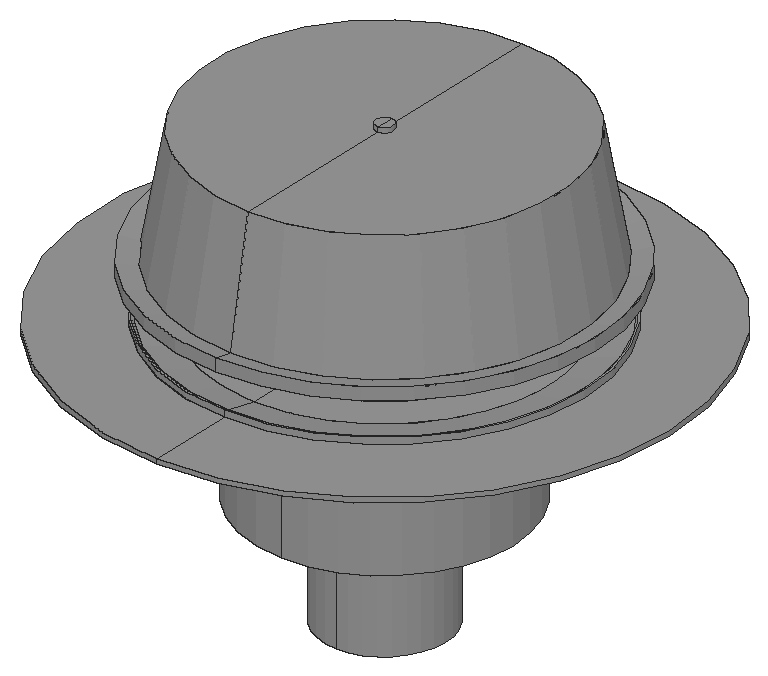
Revit family "HL_RU_Roof drain_HL62Safe-B-221103", category Sanitärinstallationen, Revit 2020
Family settings
  Bemaßung runder Anschluss = Durchmesser verwenden
  Teiletyp = Normal
  OmniClass-Nummer = 23.70.50.21.24.14
  OmniClass-Titel = Deck Waste Water Drains
  Arbeitsebenenbasiert = Nein
  Immer vertikal = Ja
  Beim Laden mit Abzugskörper schneiden = Nein
  Gemeinsam genutzt = Nein
  Raumberechnungspunkt = Ja
Parameters (values of type "HL_Кровельная воронка_HL62Safe_7")
  РЕШЁТКА = "Laubfangkorb d 262 mm"
  РАЗМЕР = "DN75"
  ПРОПУСКНАЯ СПОСОБНОСТЬ [instance] = 0.0 L/s
  ПРОИЗВОДИТЕЛЬНОСТЬ = "see Download"
  ПРАВОВАЯ ИНФОРМАЦИЯ = "Авторские права(©), права на дизайн или какие либо другие права интелектуальной собственности являются исключительной собственностью компании HL Hutterer & Lechner. Изменению не подлежит. Файл семейства с данными о прозводителе изделия защищен паролем с водяным знаком."
  НОМИНАЛЬНЫЙ ДИАМЕТР = 75 mm
  МАТЕРИАЛ = "PP"
  ВЫСОТА МОНТАЖА = "100mm"
  ВЕС = "3,014 [kg]"
  Vorgabe-Ansicht = 0 mm
  Hersteller = "HL Hutterer & Lechner GmbH"  # constant formula
  URL = "http://www.hutterer-lechner.com/ru/products/catalog/roof-drains/HL62Safe/7.aspx"
  Материал плитка [instance] = none
  Lüftungsverbindung = no
  Abwasserrohrverbindung = yes
  HW-Verbindung = no
  KW-Verbindung = no
  Beschreibung = "Кровельные воронки"
  Model = "HL62Safe_7"
  Assembly Code = " "
  Typenkommentare = "HL62Safe/7, Воронка для аварийного водостока DN75 с возможностью регулировки толщины слоя воды"
  Keynote = "HL62Safe_7"
  Bысота монтажа [instance] = 28 mm  # constant formula
  G [instance] = 180.00°  # constant formula
  EAN = "9003076040278"
  D [instance] = if(НОМИНАЛЬНЫЙ ДИАМЕТР = 160 mm, 60 mm, 67 mm) + Bысота монтажа  # 95 mm
  C [instance] = if(Bысота монтажа - 68 mm < 0 mm, 0 mm, Bысота монтажа - 68 mm)  # 0 mm
  B [instance] = 100 mm  # constant formula
  A [instance] = if(B - 100 mm > 15 mm, B - 100 mm, 15 mm)  # 15 mm
Types (5, lengths in mm): name | РАЗМЕР | НОМИНАЛЬНЫЙ ДИАМЕТР | ВЕС | URL | Model | Typenkommentare | Keynote | EAN | D
  (no name) | "DN75" | 75 | "3,014 [kg]" | "http://www.hutterer-lechner.com/ru/products/catalog/roof-drains/HL62Safe/7.aspx" | "HL62Safe_7" | "HL62Safe/7, Воронка для аварийного водостока DN75 с возможностью регулировки толщины слоя воды" | "HL62Safe_7" | "9003076040278" | 95
  HL_Кровельная воронка_HL62Safe_1 | "DN110" | 110 | "3,034 [kg]" | "http://www.hutterer-lechner.com/ru/products/catalog/roof-drains/HL62Safe/1.aspx" | "HL62Safe_1" | "HL62Safe/1, Воронка для аварийного водостока DN110 с возможностью регулировки толщины слоя воды" | "HL62Safe_1" | "9003076040247" | 95
  HL_Кровельная воронка_HL62Safe_2 | "DN125" | 125 | "3,074 [kg]" | "http://www.hutterer-lechner.com/ru/products/catalog/roof-drains/HL62Safe/2.aspx" | "HL62Safe_2" | "HL62Safe/2, Воронка для аварийного водостока DN125 с возможностью регулировки толщины слоя воды" | "HL62Safe_2" | "9003076040254" | 95
  HL_Кровельная воронка_HL62Safe_5 | "DN160" | 160 | "3,094 [kg]" | "http://www.hutterer-lechner.com/ru/products/catalog/roof-drains/HL62Safe/5.aspx" | "HL62Safe_5" | "HL62Safe/5, Воронка для аварийного водостока DN160 с возможностью регулировки толщины слоя воды" | "HL62Safe_5" | "9003076040261" | 88
  HL_Кровельная воронка_HL62Safe_7 | "DN75" | 75 | "3,014 [kg]" | "http://www.hutterer-lechner.com/ru/products/catalog/roof-drains/HL62Safe/7.aspx" | "HL62Safe_7" | "HL62Safe/7, Воронка для аварийного водостока DN75 с возможностью регулировки толщины слоя воды" | "HL62Safe_7" | "9003076040278" | 95
Reference planes
  plane 1 "Center (Front/Back)": y = 0
  plane 2: z = 0
  plane 3 "Center (Left/Right)": x = 0
  plane 4: z = -100
  plane 5: z = -28
Lines and regions (mm)
  model lines, style "InvisibleLines"
    curve 1: line (0, 0, 0) -> (0, 0, 20)
  model lines, style "PlumbingFixtures", detail levels coarse+medium
    curve 2: line (0, 0, -100) -> (0, 0, -85)
    curve 3: line (0, 0, -85) -> (-85, 0, 0)
    curve 4: line (0, 0, -85) -> (85, 0, 0)
    curve 6: line (0, 0, -100) -> (0, 0, -195)
  reference lines, not visible
    curve 5: line (0, 0, -100) -> (0, 0, -195)
  symbolic lines, style "PlumbingFixtures", detail levels coarse+medium
    curve 7: line (-75, 75, 0) -> (75, 75, 0)
    curve 8: line (-75, -75, 0) -> (-75, 75, 0)
    curve 9: line (75, -75, 0) -> (-75, -75, 0)
    curve 10: line (75, 75, 0) -> (75, -75, 0)
    curve 11: line (-75, 75, 0) -> (-145.711, 145.711, 0)
    curve 12: line (75, 75, 0) -> (145.711, 145.711, 0)
    curve 13: line (-75, -75, 0) -> (-145.711, -145.711, 0)
    curve 14: line (75, -75, 0) -> (145.711, -145.711, 0)
  symbolic lines, style "PlumbingFixtures", not visible, detail levels coarse+medium
    curve 15: line (-75, 75, 0) -> (75, 75, 0)
    curve 16: line (-75, -75, 0) -> (-75, 75, 0)
    curve 17: line (75, -75, 0) -> (-75, -75, 0)
    curve 18: line (75, 75, 0) -> (75, -75, 0)
    curve 19: line (-75, 75, 0) -> (-145.711, 145.711, 0)
    curve 20: line (75, 75, 0) -> (145.711, 145.711, 0)
    curve 21: line (-75, -75, 0) -> (-145.711, -145.711, 0)
    curve 22: line (75, -75, 0) -> (145.711, -145.711, 0)
Text (mm)
  text "FLOOR" at (-162.344, 0, -10.979), in view "Drain Construction View"
Dimensions and locks
  "B": plane 2 to plane 4
  "Bысота монтажа": plane 2 to plane 5
  "A": curve 4 to plane 4
  "D": curve 5 to curve 5
  "D": curve 6 to curve 6
  locked: curve 4 to plane 3 "Center (Left/Right)" (angle 45.00°)
  locked: plane 3 "Center (Left/Right)" to curve 3 (angle 45.00°)
  "G": angle curve 5 to plane 3 "Center (Left/Right)"
  aligned and locked: level to plane 2
  aligned and locked: plane 2 to curve 4
  aligned and locked: plane 2 to curve 3
  aligned and locked: plane 4 to curve 5
  aligned and locked: plane 3 "Center (Left/Right)" to curve 5
  aligned and locked: plane 4 to curve 2
  aligned and locked: curve 6 to plane 3 "Center (Left/Right)"
  aligned and locked: curve 6 to plane 4
  aligned and locked: plane 5 to nested 1
  aligned and locked: plane 3 "Center (Left/Right)" to nested 1
  aligned and locked: nested 2 to plane 2
  aligned and locked: plane 3 "Center (Left/Right)" to nested 2
Automatic sketch dimensions
  curve 2 to plane 3 "Center (Left/Right)" = 0 mm
  curve 1 to plane 3 "Center (Left/Right)" = 0 mm
  curve 1 to level = 0 mm
  level to curve 1 = 20 mm
Nested families
  nested 1: "HL_кровельные воронки - корпус_HL62" at (0, 0, -28), НОМИНАЛЬНЫЙ ДИАМЕТР <- "НОМИНАЛЬНЫЙ ДИАМЕТР", type "HL_кровельные воронки - корпус_HL62"
    with НОМИНАЛЬНЫЙ ДИАМЕТР 75 mm, L 69 mm
  nested 2: "HL_Вспомогательные материалы-Противопожарная защита_HL062.1Safe" at (0, 0, 0), Bысота монтажа <- "Bысота монтажа", type "HL_Вспомогательные материалы-Противопожарная защита_HL062.1Safe"
    with Пропускная способность 0.0 L/s, L 58 mm, IHmin 28 mm, IHmax 68 mm, Bысота монтажа 28 mm
Connectors
  piping at (0, 0, -195), diameter 75, driven by "ПРОПУСКНАЯ СПОСОБНОСТЬ", driven by "НОМИНАЛЬНЫЙ ДИАМЕТР"
    settings: on curve 5, index 1, connector inside diameter 609.6 mm, connector length 0 mm, flow factor 0, pipe flow 0.0 L/s, pressure drop 0.0 Pa, fitting loss kfactor 0, connector angle 0.00°, fixture units 0, engagement length 0 mm, angle of deflection 0.00°, flow configuration 1, flow direction 2, fitting loss method 0, system type 16, joint type 0, gender type 0, connector reference index -1, connector utility 0, adjustable connector yes, is connector primary yes, connector description ""
Definition of nested family "HL_кровельные воронки - корпус_HL62"
  Parameters (values of type "HL_кровельные воронки - корпус_HL62")
    НОМИНАЛЬНЫЙ ДИАМЕТР [instance] = 110 mm
    Default Elevation = 0 mm
    Manufacturer = ""
    URL = ""
    Description = ""
    Model = ""
    L [instance] = if(НОМИНАЛЬНЫЙ ДИАМЕТР = 160 mm, 62 mm, 69 mm)  # 69 mm
    Type Comments = ""
    Cost = 0
  Reference planes
    plane 1 "Střed (vpředu/vzadu)": y = 0
    plane 2: z = 0
    plane 3 "Střed (vlevo/vpravo)": x = 0
    plane 4: z = -97.92
  Forms (mm)
    Revolve 1, solid, detail levels fine
      sketch origin (0, 0, 0) x (0, 1, 0) y (0, 0, 1)
        loop
          line (177, -3) -> (177, 0) -> (124.39, 0) -> (101.905, -2.2) -> (79.004, -2.2) -> (79.004, -22.024) -> (74.451, -22.024) -> (74.451, -35.37) -> (65.787, -35.37) -> (64.804, -43.37) -> (0, -43.37) -> (0, -97.92) -> (79.982, -97.92) -> (79.982, -31.54) -> (86.489, -31.54) -> (86.489, -28.04) -> (101.489, -28.04) -> (101.489, -13.704) -> (130.898, -3) -> (177, -3)
        axis (0, 0) -> (0, -97.92)
      angle from 0 to 360
    Revolve 2, solid, detail levels fine
      sketch origin (0, 0, 0) x (0, 1, 0) y (0, 0, 1)
        loop
          line (124.39, 0) -> (124.39, 4) -> (123.297, 4) -> (122.033, 3.115) -> (101.733, -1.2) -> (79.004, -1.2) -> (79.004, -2.2) -> (101.905, -2.2) -> (124.39, 0)
        axis (0, 4) -> (0, -2.2)
      angle from 0 to 360
    Extrusion 3, solid, detail levels fine
      sketch origin (0, 79.982, -97.92) x (0, 1, 0) y (-1, 0, 0)
        loop
          circle (-79.982, 0) r 55
      from 0 to -69
  Dimensions and locks
    "L": plane 4 to Extrusion 3
    "НОМИНАЛЬНЫЙ ДИАМЕТР": diameter of Extrusion 3 sketch curve
    aligned and locked: level to plane 2
  Automatic sketch dimensions
    Revolve 1 sketch curve to plane 1 "Střed (vpředu/vzadu)" = 0 mm  (x2)
    level to Revolve 1 sketch curve = 0 mm
    Revolve 1 sketch curve to plane 1 "Střed (vpředu/vzadu)" = 64.804 mm
    Revolve 1 sketch curve to Revolve 1 sketch curve = 0.982 mm
    Revolve 1 sketch curve to Revolve 1 sketch curve = 8.664 mm
    Revolve 1 sketch curve to Revolve 1 sketch curve = 4.553 mm
    Revolve 1 sketch curve to Revolve 1 sketch curve = 15.178 mm
    Revolve 1 sketch curve to Revolve 1 sketch curve = 6.507 mm
    Revolve 1 sketch curve to Revolve 1 sketch curve = 15 mm
    Revolve 1 sketch curve to level = 2.2 mm
    Revolve 1 sketch curve to Revolve 1 sketch curve = 0.416 mm
    Revolve 1 sketch curve to Revolve 1 sketch curve = 22.485 mm
    Revolve 1 sketch curve to level = 3 mm
    Revolve 1 sketch curve to Revolve 1 sketch curve = 6.508 mm
    Revolve 1 sketch curve to Revolve 1 sketch curve = 46.102 mm
    Revolve 1 sketch curve to Revolve 1 sketch curve = 11.504 mm
    Revolve 1 sketch curve to Revolve 1 sketch curve = 19.824 mm
    Revolve 1 sketch curve to Revolve 1 sketch curve = 6.016 mm
    Revolve 1 sketch curve to Revolve 1 sketch curve = 3.5 mm
    Revolve 1 sketch curve to Revolve 1 sketch curve = 3.83 mm
    Revolve 1 sketch curve to Revolve 1 sketch curve = 8 mm
    Revolve 1 sketch curve to Revolve 1 sketch curve = 54.55 mm
    Revolve 1 sketch curve to Revolve 1 sketch curve = 202.08 mm
    level to Revolve 1 sketch curve = 300 mm
    Revolve 2 sketch curve to plane 1 "Střed (vpředu/vzadu)" = 0 mm
    level to Revolve 2 sketch curve = 0 mm
    Revolve 2 sketch curve to level = 2.2 mm
    Revolve 2 sketch curve to plane 1 "Střed (vpředu/vzadu)" = 79.004 mm
    Revolve 2 sketch curve to level = 1.2 mm
    Revolve 2 sketch curve to Revolve 2 sketch curve = 22.729 mm
    Revolve 2 sketch curve to Revolve 2 sketch curve = 0.172 mm
    level to Revolve 2 sketch curve = 3.115 mm
    Revolve 2 sketch curve to Revolve 2 sketch curve = 20.299 mm
    Revolve 2 sketch curve to Revolve 2 sketch curve = 1.264 mm
    Revolve 2 sketch curve to Revolve 2 sketch curve = 1.093 mm
    Revolve 2 sketch curve to Revolve 2 sketch curve = 0.885 mm
    Revolve 2 sketch curve to level = 69.647 mm
    level to Revolve 2 sketch curve = 33.8 mm
    plane 1 "Střed (vpředu/vzadu)" to Extrusion 3 sketch curve = 0 mm
    Extrusion 3 sketch curve to plane 3 "Střed (vlevo/vpravo)" = 0 mm
Definition of nested family "HL_Вспомогательные материалы-Противопожарная защита_HL062.1Safe"
  Parameters (values of type "HL_Вспомогательные материалы-Противопожарная защита_HL062.1Safe")
    РЕШЁТКА = "Laubfangkorb d 262 mm"
    ПРАВОВАЯ ИНФОРМАЦИЯ = "Авторские права(©), права на дизайн или какие либо другие права интелектуальной собственности являются исключительной собственностью компании HL Hutterer & Lechner. Изменению не подлежит. Файл семейства с данными о прозводителе изделия защищен паролем с водяным знаком."
    МАТЕРИАЛ = "PP"
    ВЕС = "1,25 [kg]"
    Default Elevation = 0 mm
    Manufacturer = "HL Hutterer & Lechner GmbH"
    URL = "http://www.hutterer-lechner.com/ru/products/catalog/roof-drains/HL062.1Safe.aspx"
    Материал плитка = none
    Description = "Кровельные воронки"
    Model = "HL062.1Safe"
    L [instance] = if(Bысота монтажа < IHmin, -100 mm, if(Bысота монтажа > IHmax, -100 mm, Bысота монтажа + 30 mm))  # 58 mm
    Type Comments = "HL062.1Safe, Вставка в воронку для аварийного водоотведения"
    Keynote = "HL062.1Safe"
    Bысота монтажа [instance] = 28 mm
    IHmin [instance] = 28 mm
    IHmax [instance] = 68 mm
    Пропускная способность [instance] = 0.0 L/s
    EAN = "9003076040605"
    Cost = 0
  Reference planes
    plane 1 "Střed (vpředu/vzadu)": y = 0
    plane 2: z = 0
    plane 3 "Střed (vlevo/vpravo)": x = 0
  Forms (mm)
    Revolve 1, solid, detail levels fine
      sketch origin (0, 0, 0) x (0, 1, 0) y (0, 0, 1)
        loop
          line (0, 81.1) -> (-5.25, 81.1) -> (-5.25, 78.5) -> (-106.614, 78.5) -> (-119.486, 5.5) -> (-101.611, 5.5) -> (-90.568, 68.124) -> (0, 68.124) -> (0, 81.1)
        axis (0, 81.1) -> (0, 5.5)
      angle from 0 to 360
    Extrusion 2, solid, detail levels fine
      sketch origin (0, 0, 68.124) x (-1, 0, 0) y (0, 1, 0)
        loop
          circle (-50, 0) r 11.945
      from 0 to 82.224
    Extrusion 3, solid, detail levels fine
      sketch origin (-100, 0, 68.124) x (-1, 0, 0) y (0, 1, 0)
        loop
          circle (-50, 0) r 11.945
      from 0 to 82.224
    Revolve 4, solid, detail levels fine
      sketch origin (0, 0, 0) x (0, 1, 0) y (0, 0, 1)
        loop
          line (-130.983, 7.735) -> (-130.983, 0) -> (-69.061, 0) -> (-64.445, -4.616) -> (-64.445, -65.123) -> (-63.068, -66.5) -> (-58.068, -66.5) -> (-58.068, -4.58) -> (-68.148, 5.5) -> (-119.486, 5.5) -> (-130.983, 7.735)
        axis (0, 7.735) -> (0, -66.5)
      angle from 0 to 360
    Revolve 5, solid, detail levels fine
      sketch origin (0, 69.895, -58) x (0, -1, 0) y (0, 0, -1)
        loop
          line (149.29, -29.5) -> (149.29, -9.5) -> (139.79, 0) -> (134.34, 0) -> (134.34, -44) -> (138.069, -44) -> (138.069, -29.5) -> (149.29, -29.5)
        axis (69.895, -44) -> (69.895, 0)
      angle from 0 to 360
  Lines and regions (mm)
    reference lines
      curve 1: line (0, 69.895, -58) -> (0, -190.105, -58)
  Dimensions and locks
    "L": curve 1 to plane 2
    aligned and locked: level to plane 2
  Automatic sketch dimensions
    Revolve 1 sketch curve to plane 1 "Střed (vpředu/vzadu)" = 0 mm  (x2)
    plane 1 "Střed (vpředu/vzadu)" to Revolve 1 sketch curve = 5.25 mm
    Revolve 1 sketch curve to Revolve 1 sketch curve = 85.318 mm
    level to Revolve 1 sketch curve = 5.5 mm
    Revolve 1 sketch curve to Revolve 1 sketch curve = 11.042 mm
    Revolve 1 sketch curve to Revolve 1 sketch curve = 16.046 mm
    Revolve 1 sketch curve to Revolve 1 sketch curve = 17.876 mm
    Revolve 1 sketch curve to Revolve 1 sketch curve = 62.624 mm
    Revolve 1 sketch curve to Revolve 1 sketch curve = 10.376 mm
    Revolve 1 sketch curve to Revolve 1 sketch curve = 2.6 mm
    Revolve 1 sketch curve to Revolve 1 sketch curve = 40 mm
    Revolve 1 sketch curve to Revolve 1 sketch curve = 25 mm
    Extrusion 2 sketch curve to Revolve 1 = 50 mm
    Revolve 1 to Extrusion 3 sketch curve = 50 mm
    level to Revolve 4 sketch curve = 0 mm
    Revolve 4 sketch curve to plane 1 "Střed (vpředu/vzadu)" = 0 mm
    plane 1 "Střed (vpředu/vzadu)" to Revolve 4 sketch curve = 58.068 mm
    Revolve 4 sketch curve to Revolve 4 sketch curve = 5 mm
    Revolve 4 sketch curve to Revolve 4 sketch curve = 1.377 mm  (x2)
    Revolve 4 sketch curve to Revolve 4 sketch curve = 3.703 mm
    Revolve 4 sketch curve to Revolve 4 sketch curve = 0.913 mm
    level to Revolve 4 sketch curve = 5.5 mm
    Revolve 4 sketch curve to Revolve 4 sketch curve = 50.425 mm
    Revolve 4 sketch curve to Revolve 4 sketch curve = 11.497 mm
    Revolve 4 sketch curve to level = 4.58 mm
    Revolve 4 sketch curve to level = 4.616 mm
    Revolve 4 sketch curve to Revolve 4 sketch curve = 60.507 mm
    level to Revolve 4 sketch curve = 7.735 mm
    Revolve 4 sketch curve to Revolve 4 sketch curve = 10 mm
    Revolve 4 sketch curve to Revolve 4 sketch curve = 35 mm
    Revolve 5 sketch curve to curve 1 = 0 mm
    curve 1 to Revolve 5 sketch curve = 44 mm
    Revolve 5 sketch curve to curve 1 = 125.66 mm
    Revolve 5 sketch curve to Revolve 5 sketch curve = 3.729 mm
    Revolve 5 sketch curve to Revolve 5 sketch curve = 5.45 mm
    Revolve 5 sketch curve to Revolve 5 sketch curve = 11.221 mm
    Revolve 5 sketch curve to Revolve 5 sketch curve = 14.5 mm
    curve 1 to Revolve 5 sketch curve = 9.5 mm
    curve 1 to Revolve 5 sketch curve = 69.895 mm
    Revolve 5 sketch curve to curve 1 = 15 mm
    Revolve 5 sketch curve to Revolve 5 sketch curve = 40 mm
    plane 1 "Střed (vpředu/vzadu)" to curve 1 = 190.105 mm
    curve 1 to plane 1 "Střed (vpředu/vzadu)" = 69.895 mm
    radius of Extrusion 2 sketch curve = 11.945 mm
    radius of Extrusion 3 sketch curve = 11.945 mm
